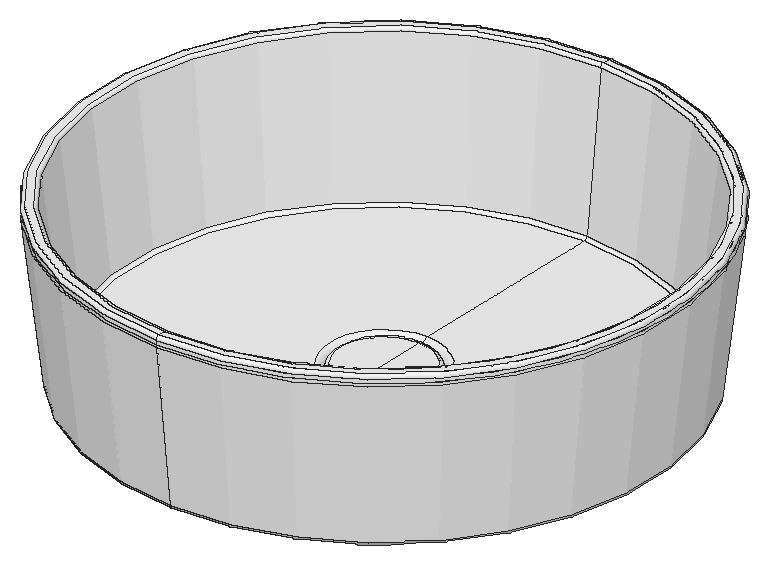
Revit family "Reece_Basin_LAUFEN_Kartell_Above Counter Basin", category Plumbing Fixtures, host Face, Revit 2018
Family settings
  Host = Face
  Round Connector Dimension = Use Diameter
  Part Type = Normal
  Cut with Voids When Loaded = No
  Shared = Yes
  Room Calculation Point = Yes
Parameters (values of type "No Taphole_Centre Bowl_420 mm_11.3 L_SaphirKeramik_White")
  WFU = 0  # constant formula
  URL = "https://www.reece.com.au/product/-9504529"
  Type Comments = "Basin"
  Reece_Product_Web Page = "https://www.reece.com.au/product/-9504529"
  Reece_Product_Type = "Basin"  # constant formula
  Reece_Product_Sub Brand = "Kartell"  # constant formula
  Reece_Product_Number = "9504529"
  Reece_Product_Mount = "Above Counter"
  Reece_Product_Description = "LAUFEN Kartell Washbasin Round Bowl 420mm White"
  Reece_Product_Brand = "LAUFEN"  # constant formula
  Reece_Overall_Height = 120 mm  # constant formula
  Reece_Overall_Diameter = 420 mm  # constant formula
  Reece_Overall_Capacity = 11.30 L  # constant formula
  Reece_Material_Secondary = Reece_SaphirKeramik_White
  Reece_Material-Main = Reece_SaphirKeramik_White
  Reece_Detail_Installation = ""
  Reece_Detail_Disclaimer = "THIS FILE IS THE PROPERTY OF THE REECE GROUP. IT MAY NOT BE REPRODUCED, REVERSE-ENGINEERED OR MODIFIED. ANY REPUBLICATION, TRANSMISSION OR DISTRIBUTION FOR THE PURPOSE OF COMMERCIALLY EXPLOITING THE FILES IS PROHIBITED."  # constant formula
  Reece_Detail_Connector = ""
  Reece_Detail_Additional = ""
  Reece_Basin_Outlet = 40 mm  # constant formula
  Model = "Kartell"
  Manufacturer = "LAUFEN"
  Keynote = "Product #9504529, Reece_Basin_LAUFEN_Kartell_Above Counter Basin - No Taphole_Centre Bowl_420 mm_11.3 L_SaphirKeramik_White"
  HWFU = 0  # constant formula
  Disclaimer = "THIS FILE IS THE PROPERTY OF THE REECE GROUP. IT MAY NOT BE REPRODUCED, REVERSE-ENGINEERED OR MODIFIED. ANY REPUBLICATION, TRANSMISSION OR DISTRIBUTION FOR THE PURPOSE OF COMMERCIALLY EXPLOITING THE FILES IS PROHIBITED."  # constant formula
  Description = "LAUFEN Kartell Washbasin Round Bowl 420mm White"
  Default Elevation = 0 mm
  CWFU = 0  # constant formula
Types (2, lengths in mm): name | Keynote
  (no name) | "Product #9504529, Reece_Basin_LAUFEN_Kartell_Above Counter Basin -  "
  No Taphole_Centre Bowl_420 mm_11.3 L_SaphirKeramik_White | "Product #9504529, Reece_Basin_LAUFEN_Kartell_Above Counter Basin - No Taphole_Centre Bowl_420 mm_11.3 L_SaphirKeramik_White"
Reference planes
  plane 1 "Center (Front/Back)": y = -79.125
  plane 2 "Bottom": z = 0
  plane 3 "Center (Left/Right)": x = 0
  plane 4 "Top": z = 120
  plane 5 "back": y = 130.875
  plane 6 "right": x = 210
  plane 7 "left": x = -210
  plane 8 "front": y = -289.125
  plane 9: z = -15
  plane 10 "bottom inset": z = 10
Forms (mm)
  Revolve 1, solid, material "Reece_SaphirKeramik_White" <- "Reece_Material-Main"
    sketch origin (0, 0, 0) x (0, 1, 0) y (0, 0, 1)
      loop
        arc (130.731, 112.459) -> (130.839, 113.655) -> (130.875, 114.856) r 20
        line (130.875, 114.856) -> (130.875, 117.5)
        arc (130.875, 117.5) -> (130.143, 119.268) -> (128.375, 120) r 2.5
        line (128.375, 120) -> (123.128, 120)
        arc (123.128, 120) -> (121.439, 119.343) -> (120.638, 117.718) r 2.5
        line (120.638, 117.718) -> (107.904, 12.2)
        arc (107.904, 12.2) -> (107.08, 10.629) -> (105.422, 10) r 2.5
        line (105.422, 10) -> (-39.125, 10)
        arc (-39.125, 10) -> (-42.451, 8.733) -> (-44.092, 5.575) r 5
        arc (-44.092, 5.575) -> (-44.25, 4.994) -> (-44.573, 4.487) r 2
        line (-44.573, 4.487) -> (-61.625, -15) -> (-59.125, -15) -> (-49.125, -5) -> (-39.125, -5) -> (-39.125, 0) -> (114.943, 0)
        arc (114.943, 0) -> (116.602, 0.629) -> (117.425, 2.2) r 2.5
        line (117.425, 2.2) -> (130.731, 112.459)
      axis (-79.125, 120) -> (-79.125, -15)
    angle from 0 to 360
  Revolve 2, solid, material "Reece_SaphirKeramik_White" <- "Reece_Material_Secondary"
    sketch origin (0, 0, 0) x (0, 1, 0) y (0, 0, 1)
      loop
        line (-79.125, 10) -> (-79.125, 0) -> (-54.962, 0) -> (-51.461, 5) -> (-47.25, 5)
        arc (-47.25, 5) -> (-44.75, 7.5) -> (-47.25, 10) r 2.5
        line (-47.25, 10) -> (-79.125, 10)
      axis (-79.125, 10) -> (-79.125, 0)
    angle from 0 to 360
  Revolve 3, void
    sketch origin (0, 0, 0) x (0, 1, 0) y (0, 0, 1)
      loop
        line (-79.125, 0) -> (-79.125, -100) -> (-34.125, -100) -> (-34.125, 0) -> (-79.125, 0)
      axis (-79.125, 0) -> (-79.125, -100)
    angle from 0 to 360
Text (mm)
  text "Reece Copyright © 2018, Reece Ltd." at (-902.343, -740.328, 0), in view "Ref. Level"
  text "Reece ©" at (44.384, 258.95, 192.345), in view "Reece Preview"
Dimensions and locks
  equal spacing: plane 7 "left", plane 3 "Center (Left/Right)", plane 6 "right"
  "Reece_Overall_Diameter": plane 7 "left" to plane 6 "right"  (x2)
  plane 5 "back" to plane 8 "front" = 420 mm
  equal spacing: plane 5 "back", plane 1 "Center (Front/Back)", plane 8 "front"
  "Reece_Overall_Height": plane 4 "Top" to plane 2 "Bottom"
  aligned and locked: plane 2 "Bottom" to host face
  aligned and locked: level to host face
  aligned and locked: plane 4 "Top" to Revolve 1 sketch curve
  aligned and locked: Revolve 1 sketch curve to plane 2 "Bottom"
Automatic sketch dimensions
  host sketch curve to host sketch curve = 801.051 mm
  host sketch curve to host sketch curve = 660.299 mm
  Revolve 1 sketch curve to plane 1 "Center (Front/Back)" = 0 mm
  Revolve 1 sketch curve to plane 9 = 0 mm
  Revolve 1 sketch curve to plane 10 "bottom inset" = 0 mm
  Revolve 1 sketch curve to plane 5 "back" = 0 mm
  Revolve 1 sketch curve to level = 5 mm
  Revolve 1 sketch curve to plane 1 "Center (Front/Back)" = 30 mm
  Revolve 1 sketch curve to plane 10 "bottom inset" = 4.196 mm
  Revolve 1 sketch curve to Revolve 1 sketch curve = 3.046 mm
  level to Revolve 1 sketch curve = 4.487 mm
  Revolve 1 sketch curve to Revolve 1 sketch curve = 1.505 mm
  Revolve 1 sketch curve to Revolve 1 sketch curve = 5.448 mm
  Revolve 1 sketch curve to Revolve 1 sketch curve = 0 mm
  Revolve 1 sketch curve to plane 5 "back" = 25.454 mm
  plane 10 "bottom inset" to Revolve 1 sketch curve = 2.2 mm
  Revolve 1 sketch curve to Revolve 1 sketch curve = 2.482 mm  (x2)
  Revolve 1 sketch curve to plane 4 "Top" = 5.144 mm
  Revolve 1 sketch curve to plane 5 "back" = 20 mm
  Revolve 1 sketch curve to Revolve 1 sketch curve = 9.522 mm
  level to Revolve 1 sketch curve = 2.2 mm
  Revolve 1 sketch curve to plane 4 "Top" = 2.282 mm
  Revolve 1 sketch curve to Revolve 1 sketch curve = 9.762 mm
  Revolve 1 sketch curve to Revolve 1 sketch curve = 2.49 mm
  Revolve 1 sketch curve to plane 5 "back" = 2.5 mm
  Revolve 1 sketch curve to plane 5 "back" = 0.144 mm
  Revolve 1 sketch curve to Revolve 1 sketch curve = 5 mm
  Revolve 1 sketch curve to Revolve 1 sketch curve = 12.5 mm
  Revolve 1 sketch curve to Revolve 1 sketch curve = 2.5 mm
  Revolve 1 sketch curve to plane 9 = 289.8 mm
  plane 4 "Top" to Revolve 1 sketch curve = 216.433 mm
  Revolve 2 sketch curve to plane 1 "Center (Front/Back)" = 0 mm  (x2)
  Revolve 2 sketch curve to level = 0 mm
  Revolve 2 sketch curve to plane 10 "bottom inset" = 0 mm
  Revolve 2 sketch curve to Revolve 2 sketch curve = 24.162 mm
  level to Revolve 2 sketch curve = 5 mm
  Revolve 2 sketch curve to Revolve 2 sketch curve = 3.501 mm
  Revolve 2 sketch curve to Revolve 2 sketch curve = 4.212 mm
  Revolve 2 sketch curve to plane 9 = 289.8 mm
  plane 4 "Top" to Revolve 2 sketch curve = 216.433 mm
  Revolve 3 sketch curve to plane 1 "Center (Front/Back)" = 0 mm  (x2)
  Revolve 3 sketch curve to level = 0 mm
  Revolve 3 sketch curve to plane 9 = 85 mm
  Revolve 3 sketch curve to Revolve 3 sketch curve = 45 mm
  Revolve 3 sketch curve to Revolve 3 sketch curve = 56.433 mm
  plane 4 "Top" to Revolve 3 sketch curve = 216.433 mm
Connectors
  piping at (0, -79.125, -15), diameter 40, driven by "Reece_Basin_Outlet"
    settings: on Revolve 1, index 1, connector inside diameter 609.6 mm, connector length 0 mm, flow factor 0, pipe flow 0.0 L/s, pressure drop 0.0 Pa, fitting loss kfactor 0, connector angle 0.00°, fixture units 0, engagement length 0 mm, angle of deflection 0.00°, flow configuration 0, flow direction 2, fitting loss method 0, system type 16, joint type 0, gender type 0, connector reference index -1, connector utility 0, adjustable connector no, is connector primary yes, connector description ""
